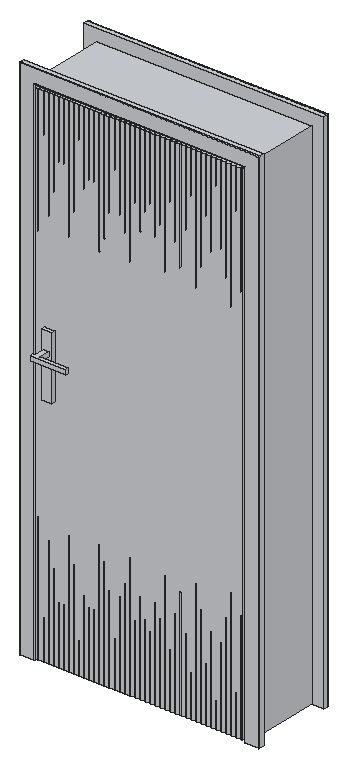
Revit family "PortaVECTORbp_G", category Drzwi, Revit 2016
Family settings
  Obiekt nadrzędny = Ściana
  Zawsze pionowo = Tak
  Tnij formami wycięć po wczytaniu = Nie
  Współdzielony = Nie
  Punkt obliczania pomieszczeń = Nie
Parameters (values of type "PN 80")
  Zakres szerokości muru [instance] = if(and(Szerokość ściany > 94 mm, Szerokość ściany < 120 mm), "B", (if(and(Szerokość ściany > 119 mm, Szerokość ściany < 140 mm), "C", (if(and(Szerokość ściany > 139 mm, Szerokość ściany < 160 mm), "D", (if(and(Szerokość ściany > 159 mm, Szerokość ściany < 180 mm), "E", (if(and(Szerokość ściany > 179 mm, Szerokość ściany < 200 mm), "F", (if(and(Szerokość ściany > 199 mm, Szerokość ściany < 220 mm), "G", (if(and(Szerokość ściany > 219 mm, Szerokość ściany < 240 mm), "H", (if(and(Szerokość ściany > 239 mm, Szerokość ściany < 260 mm), "I", (if(and(Szerokość ściany > 259 mm, Szerokość ściany < 280 mm), "J", (if(and(Szerokość ściany > 279 mm, Szerokość ściany < 301 mm), "K", "BRAK")))))))))))))))))))  # "K"
  Wysokość brutto = 2060 mm
  Szerokość ściany [instance] = 300 mm
  Szerokość brutto = 880 mm
  Model = "Porta Vector G"
  Konstrukcja analityczna = "<Brak>"
  Funkcja = Wewnętrzna
  URL = "www.porta.com.pl"
  Ss = 818 mm
  Sb = 846 mm
  Producent = "PORTA KMI POLAND"
  Keynote = ""
  Opis = "Własność Porta KMI Poland, wszelkie prawa zastrzeżone."  # constant formula
  Wysokość = 2016 mm
  Zakończenie ściany = Wg obiektu nadrzędnego
  Szerokość = 800 mm
  Materiał_skrzydło [instance] = none
  Materiał_ościeżnica [instance] = none
  Materiał_klamka [instance] = none
  Hs = 2017 mm
Reference planes
  plane 1: y = 0
  plane 2 "Środek (Lewa/Prawa)": x = 0
  plane 3 "Lewy": x = -440
  plane 4 "Prawy": x = 440
  plane 5: z = 2060
  plane 6 "Zewnętrzna": y = 150
  plane 7 "Wewnętrzna": y = -150
  plane 8 "skrzydło": y = -129
Forms (mm)
  Sweep 1, solid, material <- "Materiał_ościeżnica"
    path in 3D
      loop
        line (-440, -150, 0) -> (-440, -150, 2060) -> (440, -150, 2060) -> (440, -150, 0)
    profile origin (-440, -150, 1030) x (0, -1, 0) y (1, 0, 0)
      loop
        line (-24, 39) -> (-72, 39) -> (-72, 17) -> (0, 17) -> (0, -33) -> (16, -33)
        arc (16, -33) -> (18.121, -32.121) -> (19, -30) r 3
        line (19, -30) -> (19, 24)
        arc (19, 24) -> (18.121, 26.121) -> (16, 27) r 3
        line (16, 27) -> (-24, 27) -> (-24, 39)
  Sweep 2, solid, material <- "Materiał_ościeżnica"
    path in 3D
      loop
        line (440, 150, 0) -> (440, 150, 2060) -> (-440, 150, 2060) -> (-440, 150, 0)
    profile origin (-440, 150, 1030) x (1, 0, 0) y (0, 1, 0)
      loop
        line (-33, 0) -> (17, 0) -> (17, -228) -> (39, -228) -> (39, -1)
        arc (39, -1) -> (37.536, 2.536) -> (34, 4) r 5
        line (34, 4) -> (25, 4) -> (25, 16)
        arc (25, 16) -> (24.121, 18.121) -> (22, 19) r 3
        line (22, 19) -> (-30, 19)
        arc (-30, 19) -> (-32.121, 18.121) -> (-33, 16) r 3
        line (-33, 16) -> (-33, 0)
  Sweep 3, solid, not visible
    path in 3D
      loop
        line (-440, -150, 0) -> (-440, -150, 2060)
    profile origin (-440, -150, 1030) x (0, -1, 0) y (1, 0, 0)
      loop
        line (-151, 17) -> (-149, 17) -> (-149, 19) -> (-151, 19) -> (-151, 17)
Cuts and joins
  joined: Sweep 1, Sweep 2
Lines and regions (mm)
  Opening 1
    outline origin (-3050, -150, 0) x (1, 0, 0) y (0, 0, 1)
      loop
        line (2610, 0) -> (3490, 0) -> (3490, 2060) -> (2610, 2060) -> (2610, 0)
  sketch lines
    curve 1: line (-440, -150, 0) -> (-440, -150, 2060)
    curve 2: line (-440, -150, 2060) -> (440, -150, 2060)
    curve 3: line (440, -150, 2060) -> (440, -150, 0)
    curve 4: line (-440, 150, 2060) -> (-440, 150, 0)
    curve 5: line (440, 150, 2060) -> (-440, 150, 2060)
    curve 6: line (440, 150, 0) -> (440, 150, 2060)
    curve 12: line (-440, -150, 0) -> (-440, -150, 2060)
  symbolic lines, style "DoorsPanelProjection"
    curve 7: line (409, -150, 0) -> (409, -968, 0)
    curve 8: line (409, -968, 0) -> (369, -968, 0)
    curve 9: line (369, -968, 0) -> (369, -150, 0)
    curve 10: line (369, -150, 0) -> (409, -150, 0)
  symbolic lines, style "Ugięcie rzutu"
    curve 11: arc (-409, -150, 0) -> (-169.413, -728.413, 0) -> (409, -968, 0) r 818
Text (mm)
  text "Zewnętrzna" at (-2295.016, 1099.543, 0), in view "Poziom odniesienia"
  text "Zewnętrzna" at (0, 1615.38, 3698.081), in view "Lewy"
  text "Zewnętrzna" at (0, 1036.032, 3874.932), in view "Prawy"
Dimensions and locks
  equal spacing: plane 3 "Lewy", plane 2 "Środek (Lewa/Prawa)", plane 4 "Prawy"
  "Szerokość brutto": plane 3 "Lewy" to plane 4 "Prawy"
  "Wysokość brutto": plane 5 to host wall
  host wall to plane 5 = 2060 mm  (x2)
  locked: plane 6 "Zewnętrzna" to host wall at 0
  locked: plane 7 "Wewnętrzna" to host wall
  "Sb": Sweep 1 to Sweep 1
  locked: Sweep 1 sketch curve to Sweep 1 sketch curve at 22
  Sweep 1 sketch curve to Sweep 1 sketch curve = 50 mm
  locked: Sweep 1 sketch curve to profile plane at 72
  locked: Sweep 2 sketch curve to Sweep 2 sketch curve at 50
  locked: Sweep 2 sketch curve to Sweep 2 sketch curve at 22
  locked: Sweep 2 sketch curve to plane 6 "Zewnętrzna" at 1
  locked: curve 9 to curve 7 at 40
  "Ss": curve 8 to curve 10
  equal spacing: curve 11, plane 2 "Środek (Lewa/Prawa)", curve 7
  locked: plane 7 "Wewnętrzna" to plane 8 "skrzydło" at 21
  locked: host wall to Sweep 3 sketch curve at 1
  locked: Sweep 3 sketch curve to host wall at 1
  locked: Sweep 3 sketch curve to plane 6 "Zewnętrzna" at 151
  locked: plane 7 "Wewnętrzna" to Sweep 3 sketch curve at 151
  nested 1 to plane 2 "Środek (Lewa/Prawa)" to nested 1 = 409 mm, 409 mm
  locked: nested 1 to level at 8
  "Szerokość ściany": host wall to host wall
  aligned and locked: plane 3 "Lewy" to Opening 1 sketch curve
  aligned and locked: plane 5 to Opening 1 sketch curve  (x2)
  aligned and locked: Opening 1 sketch curve to plane 4 "Prawy"
  aligned and locked: Opening 1 sketch curve to level
  aligned and locked: plane 1 to host wall
  aligned and locked: Sweep 1 to Sweep 2 sketch curve
  aligned and locked: plane 7 "Wewnętrzna" to curve 10
  aligned and locked: Sweep 3 sketch curve to cut or joined group of Sweep 1, Sweep 2
  aligned and locked: Sweep 2 sketch curve to cut or joined group of Sweep 1, Sweep 2
  aligned and locked: nested 1 to plane 8 "skrzydło"
  aligned and locked: plane 2 "Środek (Lewa/Prawa)" to nested 1
Automatic sketch dimensions
  profile plane to Sweep 1 sketch curve = 24 mm
  Sweep 1 sketch curve to profile plane = 16 mm  (x2)
  Sweep 1 sketch curve to Sweep 1 sketch curve = 3 mm
  profile plane to Sweep 1 sketch curve = 17 mm
  Sweep 1 sketch curve to Sweep 1 sketch curve = 7 mm
  Sweep 1 sketch curve to profile plane = 0 mm
  Sweep 2 sketch curve to profile plane = 0 mm
  Sweep 2 sketch curve to profile plane = 16 mm
  Sweep 2 sketch curve to Sweep 2 sketch curve = 3 mm
  Sweep 2 sketch curve to Sweep 2 sketch curve = 5 mm
  Sweep 2 sketch curve to profile plane = 4 mm
  Sweep 2 sketch curve to Sweep 2 sketch curve = 8 mm
  curve 11 to host wall = 0 mm
  Sweep 3 sketch curve to Sweep 3 sketch curve = 2 mm
Nested families
  nested 1: "skrzydło" at (0, -135.5, 0), Materiał_klamka <- "Materiał_klamka", Materiał_skrzydło <- "Materiał_skrzydło", type "skrzydło"
    with Materiał_skrzydło none, Materiał_klamka none
Definition of nested family "skrzydło"
  Parameters
    Ss = 818 mm
    Materiał_skrzydło [instance] = none
    Materiał_klamka [instance] = none
    Hs = 2017 mm
  Reference planes
    plane 1 "Tył": y = 6.5
    plane 2: z = 0
    plane 3 "Środek (Lewa/Prawa)": x = 0
    plane 4 "Przód": y = -33.5
    plane 5: z = 2025
    plane 6 "Centrum": y = -13.5
    plane 7: z = 8
    plane 8: x = -409
    plane 9: x = 409
  Forms (mm)
    Extrusion 1, solid, material <- "Materiał_skrzydło"
      sketch origin (-1191.728, -1524, 8) x (-1, 0, 0) y (0, -1, 0)
        loop
          line (-1600.728, -1490.5) -> (-1600.728, -1530.5) -> (-782.728, -1530.5) -> (-782.728, -1490.5) -> (-1600.728, -1490.5)
      from 0 to 2017
    Extrusion 2, void
      sketch origin (-2050.117, -33.5, 1200) x (1, 0, 0) y (0, 0, 1)
        loop
          line (1314.9, -902.638) -> (1310.9, -902.638) -> (1310.9, -1192) -> (1314.9, -1192) -> (1314.9, -902.638)
        loop
          line (1334.9, -939.401) -> (1330.9, -939.401) -> (1330.9, -1192) -> (1334.9, -1192) -> (1334.9, -939.401)
        loop
          line (1354.9, -828.566) -> (1350.9, -828.566) -> (1350.9, -1192) -> (1354.9, -1192) -> (1354.9, -828.566)
        loop
          line (1374.9, -879.244) -> (1370.9, -879.244) -> (1370.9, -1192) -> (1374.9, -1192) -> (1374.9, -879.244)
        loop
          line (1394.9, -721.985) -> (1390.9, -721.985) -> (1390.9, -1192) -> (1394.9, -1192) -> (1394.9, -721.985)
        loop
          line (1414.9, -974.67) -> (1410.9, -974.67) -> (1410.9, -1192) -> (1414.9, -1192) -> (1414.9, -974.67)
        loop
          line (1434.9, -841.158) -> (1430.9, -841.158) -> (1430.9, -1192) -> (1434.9, -1192) -> (1434.9, -841.158)
        loop
          line (1454.9, -755.467) -> (1450.9, -755.467) -> (1450.9, -1192) -> (1454.9, -1192) -> (1454.9, -755.467)
        loop
          line (1474.9, -895.216) -> (1470.9, -895.216) -> (1470.9, -1192) -> (1474.9, -1192) -> (1474.9, -895.216)
        loop
          line (1494.9, -1025.039) -> (1490.9, -1025.039) -> (1490.9, -1192) -> (1494.9, -1192) -> (1494.9, -1025.039)
        loop
          line (1514.9, -706.074) -> (1510.9, -706.074) -> (1510.9, -1192) -> (1514.9, -1192) -> (1514.9, -706.074)
        loop
          line (1534.9, -788.773) -> (1530.9, -788.773) -> (1530.9, -1192) -> (1534.9, -1192) -> (1534.9, -788.773)
        loop
          line (1554.9, -973.362) -> (1550.9, -973.362) -> (1550.9, -1192) -> (1554.9, -1192) -> (1554.9, -973.362)
        loop
          line (1574.9, -854.234) -> (1570.9, -854.234) -> (1570.9, -1192) -> (1574.9, -1192) -> (1574.9, -854.234)
        loop
          line (1594.9, -1092.937) -> (1590.9, -1092.937) -> (1590.9, -1192) -> (1594.9, -1192) -> (1594.9, -1092.937)
        loop
          line (1614.9, -880.407) -> (1610.9, -880.407) -> (1610.9, -1192) -> (1614.9, -1192) -> (1614.9, -880.407)
        loop
          line (1634.9, -784.159) -> (1630.9, -784.159) -> (1630.9, -1192) -> (1634.9, -1192) -> (1634.9, -784.159)
        loop
          line (1654.9, -689.475) -> (1650.9, -689.475) -> (1650.9, -1192) -> (1654.9, -1192) -> (1654.9, -689.475)
        loop
          line (1674.9, -1034.738) -> (1670.9, -1034.738) -> (1670.9, -1192) -> (1674.9, -1192) -> (1674.9, -1034.738)
        loop
          line (1694.9, -755.308) -> (1690.9, -755.308) -> (1690.9, -1192) -> (1694.9, -1192) -> (1694.9, -755.308)
        loop
          line (1714.9, -846.704) -> (1710.9, -846.704) -> (1710.9, -1192) -> (1714.9, -1192) -> (1714.9, -846.704)
        loop
          line (1734.9, -960.343) -> (1730.9, -960.343) -> (1730.9, -1192) -> (1734.9, -1192) -> (1734.9, -960.343)
        loop
          line (1754.9, -960.343) -> (1750.9, -960.343) -> (1750.9, -1192) -> (1754.9, -1192) -> (1754.9, -960.343)
        loop
          line (1774.9, -710.675) -> (1770.9, -710.675) -> (1770.9, -1192) -> (1774.9, -1192) -> (1774.9, -710.675)
        loop
          line (1794.9, -807.228) -> (1790.9, -807.228) -> (1790.9, -1192) -> (1794.9, -1192) -> (1794.9, -807.228)
        loop
          line (1814.9, -1068.924) -> (1810.9, -1068.924) -> (1810.9, -1192) -> (1814.9, -1192) -> (1814.9, -1068.924)
        loop
          line (1834.9, -902.377) -> (1830.9, -902.377) -> (1830.9, -1192) -> (1834.9, -1192) -> (1834.9, -902.377)
        loop
          line (1854.9, -941.218) -> (1850.9, -941.218) -> (1850.9, -1192) -> (1854.9, -1192) -> (1854.9, -941.218)
        loop
          line (1874.9, -941.218) -> (1870.9, -941.218) -> (1870.9, -1192) -> (1874.9, -1192) -> (1874.9, -941.218)
        loop
          line (1894.9, -702.559) -> (1890.9, -702.559) -> (1890.9, -1192) -> (1894.9, -1192) -> (1894.9, -702.559)
        loop
          line (1914.9, -755.467) -> (1910.9, -755.467) -> (1910.9, -1192) -> (1914.9, -1192) -> (1914.9, -755.467)
        loop
          line (1934.9, -851.738) -> (1930.9, -851.738) -> (1930.9, -1192) -> (1934.9, -1192) -> (1934.9, -851.738)
        loop
          line (1954.9, -1011.4) -> (1950.9, -1011.4) -> (1950.9, -1192) -> (1954.9, -1192) -> (1954.9, -1011.4)
        loop
          line (1974.9, -856.951) -> (1970.9, -856.951) -> (1970.9, -1192) -> (1974.9, -1192) -> (1974.9, -856.951)
        loop
          line (1994.9, -801.037) -> (1990.9, -801.037) -> (1990.9, -1192) -> (1994.9, -1192) -> (1994.9, -801.037)
        loop
          line (2014.9, -704.921) -> (2010.9, -704.921) -> (2010.9, -1192) -> (2014.9, -1192) -> (2014.9, -704.921)
        loop
          line (2034.9, -920.819) -> (2030.9, -920.819) -> (2030.9, -1192) -> (2034.9, -1192) -> (2034.9, -920.819)
        loop
          line (2054.9, -829.151) -> (2050.9, -829.151) -> (2050.9, -1192) -> (2054.9, -1192) -> (2054.9, -829.151)
        loop
          line (2074.9, -902.638) -> (2070.9, -902.638) -> (2070.9, -1192) -> (2074.9, -1192) -> (2074.9, -902.638)
        loop
          line (2094.9, -939.401) -> (2090.9, -939.401) -> (2090.9, -1192) -> (2094.9, -1192) -> (2094.9, -939.401)
        loop
          line (2114.9, -828.566) -> (2110.9, -828.566) -> (2110.9, -1192) -> (2114.9, -1192) -> (2114.9, -828.566)
        loop
          line (2134.9, -879.244) -> (2130.9, -879.244) -> (2130.9, -1192) -> (2134.9, -1192) -> (2134.9, -879.244)
        loop
          line (2154.9, -721.985) -> (2150.9, -721.985) -> (2150.9, -1192) -> (2154.9, -1192) -> (2154.9, -721.985)
        loop
          line (2174.9, -974.67) -> (2170.9, -974.67) -> (2170.9, -1192) -> (2174.9, -1192) -> (2174.9, -974.67)
        loop
          line (2194.9, -841.158) -> (2190.9, -841.158) -> (2190.9, -1192) -> (2194.9, -1192) -> (2194.9, -841.158)
        loop
          line (2214.9, -755.467) -> (2210.9, -755.467) -> (2210.9, -1192) -> (2214.9, -1192) -> (2214.9, -755.467)
        loop
          line (2234.9, -895.216) -> (2230.9, -895.216) -> (2230.9, -1192) -> (2234.9, -1192) -> (2234.9, -895.216)
        loop
          line (2254.9, -1025.039) -> (2250.9, -1025.039) -> (2250.9, -1192) -> (2254.9, -1192) -> (2254.9, -1025.039)
        loop
          line (2274.9, -706.074) -> (2270.9, -706.074) -> (2270.9, -1192) -> (2274.9, -1192) -> (2274.9, -706.074)
        loop
          line (2294.9, -788.773) -> (2290.9, -788.773) -> (2290.9, -1192) -> (2294.9, -1192) -> (2294.9, -788.773)
        loop
          line (2334.9, -854.234) -> (2330.9, -854.234) -> (2330.9, -1192) -> (2334.9, -1192) -> (2334.9, -854.234)
        loop
          line (2354.9, -1092.937) -> (2350.9, -1092.937) -> (2350.9, -1192) -> (2354.9, -1192) -> (2354.9, -1092.937)
        loop
          line (2374.9, -880.407) -> (2370.9, -880.407) -> (2370.9, -1192) -> (2374.9, -1192) -> (2374.9, -880.407)
        loop
          line (2394.9, -784.159) -> (2390.9, -784.159) -> (2390.9, -1192) -> (2394.9, -1192) -> (2394.9, -784.159)
        loop
          line (2414.9, -689.475) -> (2410.9, -689.475) -> (2410.9, -1192) -> (2414.9, -1192) -> (2414.9, -689.475)
        loop
          line (2434.9, -1034.738) -> (2430.9, -1034.738) -> (2430.9, -1192) -> (2434.9, -1192) -> (2434.9, -1034.738)
        loop
          line (2454.9, -755.308) -> (2450.9, -755.308) -> (2450.9, -1192) -> (2454.9, -1192) -> (2454.9, -755.308)
        loop
          line (2474.9, -846.704) -> (2470.9, -846.704) -> (2470.9, -1192) -> (2474.9, -1192) -> (2474.9, -846.704)
        loop
          line (2494.9, -960.343) -> (2490.9, -960.343) -> (2490.9, -1192) -> (2494.9, -1192) -> (2494.9, -960.343)
        loop
          line (2514.9, -960.343) -> (2510.9, -960.343) -> (2510.9, -1192) -> (2514.9, -1192) -> (2514.9, -960.343)
        loop
          line (2534.9, -710.675) -> (2530.9, -710.675) -> (2530.9, -1192) -> (2534.9, -1192) -> (2534.9, -710.675)
        loop
          line (2554.9, -807.228) -> (2550.9, -807.228) -> (2550.9, -1192) -> (2554.9, -1192) -> (2554.9, -807.228)
        loop
          line (2574.9, -1068.924) -> (2570.9, -1068.924) -> (2570.9, -1192) -> (2574.9, -1192) -> (2574.9, -1068.924)
        loop
          line (2594.9, -902.377) -> (2590.9, -902.377) -> (2590.9, -1192) -> (2594.9, -1192) -> (2594.9, -902.377)
        loop
          line (2614.9, -941.218) -> (2610.9, -941.218) -> (2610.9, -1192) -> (2614.9, -1192) -> (2614.9, -941.218)
        loop
          line (2634.9, -941.218) -> (2630.9, -941.218) -> (2630.9, -1192) -> (2634.9, -1192) -> (2634.9, -941.218)
        loop
          line (2654.9, -702.559) -> (2650.9, -702.559) -> (2650.9, -1192) -> (2654.9, -1192) -> (2654.9, -702.559)
        loop
          line (2674.9, -755.467) -> (2670.9, -755.467) -> (2670.9, -1192) -> (2674.9, -1192) -> (2674.9, -755.467)
        loop
          line (2694.9, -851.738) -> (2690.9, -851.738) -> (2690.9, -1192) -> (2694.9, -1192) -> (2694.9, -851.738)
        loop
          line (2714.9, -1011.4) -> (2710.9, -1011.4) -> (2710.9, -1192) -> (2714.9, -1192) -> (2714.9, -1011.4)
        loop
          line (2734.9, -856.951) -> (2730.9, -856.951) -> (2730.9, -1192) -> (2734.9, -1192) -> (2734.9, -856.951)
        loop
          line (2754.9, -801.037) -> (2750.9, -801.037) -> (2750.9, -1192) -> (2754.9, -1192) -> (2754.9, -801.037)
        loop
          line (2774.9, -704.921) -> (2770.9, -704.921) -> (2770.9, -1192) -> (2774.9, -1192) -> (2774.9, -704.921)
        loop
          line (2794.9, -920.819) -> (2790.9, -920.819) -> (2790.9, -1192) -> (2794.9, -1192) -> (2794.9, -920.819)
        loop
          line (2814.9, -829.151) -> (2810.9, -829.151) -> (2810.9, -1192) -> (2814.9, -1192) -> (2814.9, -829.151)
        loop
          line (2310.9, -1192) -> (2314.9, -1192) -> (2314.9, -973.362) -> (2310.9, -973.362) -> (2310.9, -1192)
        loop
          line (2814.9, 462.151) -> (2814.9, 825) -> (2810.9, 825) -> (2810.9, 462.151) -> (2814.9, 462.151)
        loop
          line (2774.9, 337.921) -> (2774.9, 825) -> (2770.9, 825) -> (2770.9, 337.921) -> (2774.9, 337.921)
        loop
          line (2734.9, 489.951) -> (2734.9, 825) -> (2730.9, 825) -> (2730.9, 489.951) -> (2734.9, 489.951)
        loop
          line (2694.9, 484.738) -> (2694.9, 825) -> (2690.9, 825) -> (2690.9, 484.738) -> (2694.9, 484.738)
        loop
          line (2654.9, 335.559) -> (2654.9, 825) -> (2650.9, 825) -> (2650.9, 335.559) -> (2654.9, 335.559)
        loop
          line (2614.9, 574.218) -> (2614.9, 825) -> (2610.9, 825) -> (2610.9, 574.218) -> (2614.9, 574.218)
        loop
          line (2574.9, 701.924) -> (2574.9, 825) -> (2570.9, 825) -> (2570.9, 701.924) -> (2574.9, 701.924)
        loop
          line (2534.9, 343.675) -> (2534.9, 825) -> (2530.9, 825) -> (2530.9, 343.675) -> (2534.9, 343.675)
        loop
          line (2494.9, 593.343) -> (2494.9, 825) -> (2490.9, 825) -> (2490.9, 593.343) -> (2494.9, 593.343)
        loop
          line (2454.9, 388.308) -> (2454.9, 825) -> (2450.9, 825) -> (2450.9, 388.308) -> (2454.9, 388.308)
        loop
          line (2414.9, 322.475) -> (2414.9, 825) -> (2410.9, 825) -> (2410.9, 322.475) -> (2414.9, 322.475)
        loop
          line (2374.9, 513.407) -> (2374.9, 825) -> (2370.9, 825) -> (2370.9, 513.407) -> (2374.9, 513.407)
        loop
          line (2354.9, 725.937) -> (2354.9, 825) -> (2350.9, 825) -> (2350.9, 725.937) -> (2354.9, 725.937)
        loop
          line (2310.9, 606.362) -> (2314.9, 606.362) -> (2314.9, 825) -> (2310.9, 825) -> (2310.9, 606.362)
        loop
          line (2274.9, 339.074) -> (2274.9, 825) -> (2270.9, 825) -> (2270.9, 339.074) -> (2274.9, 339.074)
        loop
          line (2234.9, 528.216) -> (2234.9, 825) -> (2230.9, 825) -> (2230.9, 528.216) -> (2234.9, 528.216)
        loop
          line (2194.9, 474.158) -> (2194.9, 825) -> (2190.9, 825) -> (2190.9, 474.158) -> (2194.9, 474.158)
        loop
          line (2154.9, 354.985) -> (2154.9, 825) -> (2150.9, 825) -> (2150.9, 354.985) -> (2154.9, 354.985)
        loop
          line (2114.9, 461.566) -> (2114.9, 825) -> (2110.9, 825) -> (2110.9, 461.566) -> (2114.9, 461.566)
        loop
          line (2074.9, 535.638) -> (2074.9, 825) -> (2070.9, 825) -> (2070.9, 535.638) -> (2074.9, 535.638)
        loop
          line (2794.9, 553.819) -> (2794.9, 825) -> (2790.9, 825) -> (2790.9, 553.819) -> (2794.9, 553.819)
        loop
          line (2754.9, 434.037) -> (2754.9, 825) -> (2750.9, 825) -> (2750.9, 434.037) -> (2754.9, 434.037)
        loop
          line (2714.9, 644.4) -> (2714.9, 825) -> (2710.9, 825) -> (2710.9, 644.4) -> (2714.9, 644.4)
        loop
          line (2674.9, 388.467) -> (2674.9, 825) -> (2670.9, 825) -> (2670.9, 388.467) -> (2674.9, 388.467)
        loop
          line (2634.9, 574.218) -> (2634.9, 825) -> (2630.9, 825) -> (2630.9, 574.218) -> (2634.9, 574.218)
        loop
          line (2594.9, 535.377) -> (2594.9, 825) -> (2590.9, 825) -> (2590.9, 535.377) -> (2594.9, 535.377)
        loop
          line (2554.9, 440.228) -> (2554.9, 825) -> (2550.9, 825) -> (2550.9, 440.228) -> (2554.9, 440.228)
        loop
          line (2514.9, 593.343) -> (2514.9, 825) -> (2510.9, 825) -> (2510.9, 593.343) -> (2514.9, 593.343)
        loop
          line (2474.9, 479.704) -> (2474.9, 825) -> (2470.9, 825) -> (2470.9, 479.704) -> (2474.9, 479.704)
        loop
          line (2434.9, 667.738) -> (2434.9, 825) -> (2430.9, 825) -> (2430.9, 667.738) -> (2434.9, 667.738)
        loop
          line (2394.9, 417.159) -> (2394.9, 825) -> (2390.9, 825) -> (2390.9, 417.159) -> (2394.9, 417.159)
        loop
          line (2334.9, 487.234) -> (2334.9, 825) -> (2330.9, 825) -> (2330.9, 487.234) -> (2334.9, 487.234)
        loop
          line (2294.9, 421.773) -> (2294.9, 825) -> (2290.9, 825) -> (2290.9, 421.773) -> (2294.9, 421.773)
        loop
          line (2254.9, 658.039) -> (2254.9, 825) -> (2250.9, 825) -> (2250.9, 658.039) -> (2254.9, 658.039)
        loop
          line (2214.9, 388.467) -> (2214.9, 825) -> (2210.9, 825) -> (2210.9, 388.467) -> (2214.9, 388.467)
        loop
          line (2174.9, 607.67) -> (2174.9, 825) -> (2170.9, 825) -> (2170.9, 607.67) -> (2174.9, 607.67)
        loop
          line (2134.9, 512.244) -> (2134.9, 825) -> (2130.9, 825) -> (2130.9, 512.244) -> (2134.9, 512.244)
        loop
          line (2094.9, 572.401) -> (2094.9, 825) -> (2090.9, 825) -> (2090.9, 572.401) -> (2094.9, 572.401)
        loop
          line (2054.9, 462.151) -> (2054.9, 825) -> (2050.9, 825) -> (2050.9, 462.151) -> (2054.9, 462.151)
        loop
          line (2014.9, 337.921) -> (2014.9, 825) -> (2010.9, 825) -> (2010.9, 337.921) -> (2014.9, 337.921)
        loop
          line (1974.9, 489.951) -> (1974.9, 825) -> (1970.9, 825) -> (1970.9, 489.951) -> (1974.9, 489.951)
        loop
          line (1934.9, 484.738) -> (1934.9, 825) -> (1930.9, 825) -> (1930.9, 484.738) -> (1934.9, 484.738)
        loop
          line (1894.9, 335.559) -> (1894.9, 825) -> (1890.9, 825) -> (1890.9, 335.559) -> (1894.9, 335.559)
        loop
          line (1854.9, 574.218) -> (1854.9, 825) -> (1850.9, 825) -> (1850.9, 574.218) -> (1854.9, 574.218)
        loop
          line (1814.9, 701.924) -> (1814.9, 825) -> (1810.9, 825) -> (1810.9, 701.924) -> (1814.9, 701.924)
        loop
          line (1774.9, 343.675) -> (1774.9, 825) -> (1770.9, 825) -> (1770.9, 343.675) -> (1774.9, 343.675)
        loop
          line (1734.9, 593.343) -> (1734.9, 825) -> (1730.9, 825) -> (1730.9, 593.343) -> (1734.9, 593.343)
        loop
          line (1694.9, 388.308) -> (1694.9, 825) -> (1690.9, 825) -> (1690.9, 388.308) -> (1694.9, 388.308)
        loop
          line (1654.9, 322.475) -> (1654.9, 825) -> (1650.9, 825) -> (1650.9, 322.475) -> (1654.9, 322.475)
        loop
          line (1614.9, 513.407) -> (1614.9, 825) -> (1610.9, 825) -> (1610.9, 513.407) -> (1614.9, 513.407)
        loop
          line (1594.9, 725.937) -> (1594.9, 825) -> (1590.9, 825) -> (1590.9, 725.937) -> (1594.9, 725.937)
        loop
          line (1554.9, 606.362) -> (1554.9, 825) -> (1550.9, 825) -> (1550.9, 606.362) -> (1554.9, 606.362)
        loop
          line (1514.9, 339.074) -> (1514.9, 825) -> (1510.9, 825) -> (1510.9, 339.074) -> (1514.9, 339.074)
        loop
          line (1474.9, 528.216) -> (1474.9, 825) -> (1470.9, 825) -> (1470.9, 528.216) -> (1474.9, 528.216)
        loop
          line (1434.9, 474.158) -> (1434.9, 825) -> (1430.9, 825) -> (1430.9, 474.158) -> (1434.9, 474.158)
        loop
          line (1394.9, 354.985) -> (1394.9, 825) -> (1390.9, 825) -> (1390.9, 354.985) -> (1394.9, 354.985)
        loop
          line (1354.9, 461.566) -> (1354.9, 825) -> (1350.9, 825) -> (1350.9, 461.566) -> (1354.9, 461.566)
        loop
          line (1314.9, 535.638) -> (1314.9, 825) -> (1310.9, 825) -> (1310.9, 535.638) -> (1314.9, 535.638)
        loop
          line (2034.9, 553.819) -> (2034.9, 825) -> (2030.9, 825) -> (2030.9, 553.819) -> (2034.9, 553.819)
        loop
          line (1994.9, 434.037) -> (1994.9, 825) -> (1990.9, 825) -> (1990.9, 434.037) -> (1994.9, 434.037)
        loop
          line (1954.9, 644.4) -> (1954.9, 825) -> (1950.9, 825) -> (1950.9, 644.4) -> (1954.9, 644.4)
        loop
          line (1914.9, 388.467) -> (1914.9, 825) -> (1910.9, 825) -> (1910.9, 388.467) -> (1914.9, 388.467)
        loop
          line (1874.9, 574.218) -> (1874.9, 825) -> (1870.9, 825) -> (1870.9, 574.218) -> (1874.9, 574.218)
        loop
          line (1834.9, 535.377) -> (1834.9, 825) -> (1830.9, 825) -> (1830.9, 535.377) -> (1834.9, 535.377)
        loop
          line (1794.9, 440.228) -> (1794.9, 825) -> (1790.9, 825) -> (1790.9, 440.228) -> (1794.9, 440.228)
        loop
          line (1754.9, 593.343) -> (1754.9, 825) -> (1750.9, 825) -> (1750.9, 593.343) -> (1754.9, 593.343)
        loop
          line (1714.9, 479.704) -> (1714.9, 825) -> (1710.9, 825) -> (1710.9, 479.704) -> (1714.9, 479.704)
        loop
          line (1674.9, 667.738) -> (1674.9, 825) -> (1670.9, 825) -> (1670.9, 667.738) -> (1674.9, 667.738)
        loop
          line (1634.9, 417.159) -> (1634.9, 825) -> (1630.9, 825) -> (1630.9, 417.159) -> (1634.9, 417.159)
        loop
          line (1574.9, 487.234) -> (1574.9, 825) -> (1570.9, 825) -> (1570.9, 487.234) -> (1574.9, 487.234)
        loop
          line (1534.9, 421.773) -> (1534.9, 825) -> (1530.9, 825) -> (1530.9, 421.773) -> (1534.9, 421.773)
        loop
          line (1494.9, 658.039) -> (1494.9, 825) -> (1490.9, 825) -> (1490.9, 658.039) -> (1494.9, 658.039)
        loop
          line (1454.9, 388.467) -> (1454.9, 825) -> (1450.9, 825) -> (1450.9, 388.467) -> (1454.9, 388.467)
        loop
          line (1414.9, 607.67) -> (1414.9, 825) -> (1410.9, 825) -> (1410.9, 607.67) -> (1414.9, 607.67)
        loop
          line (1374.9, 512.244) -> (1374.9, 825) -> (1370.9, 825) -> (1370.9, 512.244) -> (1374.9, 512.244)
        loop
          line (1334.9, 572.401) -> (1334.9, 825) -> (1330.9, 825) -> (1330.9, 572.401) -> (1334.9, 572.401)
      from -1 to 10
    Extrusion 3, void
      sketch origin (-2050.117, 6.5, 1200) x (1, 0, 0) y (0, 0, -1)
        loop
          line (1314.9, 902.638) -> (1314.9, 1192) -> (1310.9, 1192) -> (1310.9, 902.638) -> (1314.9, 902.638)
        loop
          line (1334.9, 939.401) -> (1334.9, 1192) -> (1330.9, 1192) -> (1330.9, 939.401) -> (1334.9, 939.401)
        loop
          line (1354.9, 828.566) -> (1354.9, 1192) -> (1350.9, 1192) -> (1350.9, 828.566) -> (1354.9, 828.566)
        loop
          line (1374.9, 879.244) -> (1374.9, 1192) -> (1370.9, 1192) -> (1370.9, 879.244) -> (1374.9, 879.244)
        loop
          line (1394.9, 721.985) -> (1394.9, 1192) -> (1390.9, 1192) -> (1390.9, 721.985) -> (1394.9, 721.985)
        loop
          line (1414.9, 974.67) -> (1414.9, 1192) -> (1410.9, 1192) -> (1410.9, 974.67) -> (1414.9, 974.67)
        loop
          line (1434.9, 841.158) -> (1434.9, 1192) -> (1430.9, 1192) -> (1430.9, 841.158) -> (1434.9, 841.158)
        loop
          line (1454.9, 755.467) -> (1454.9, 1192) -> (1450.9, 1192) -> (1450.9, 755.467) -> (1454.9, 755.467)
        loop
          line (1474.9, 895.216) -> (1474.9, 1192) -> (1470.9, 1192) -> (1470.9, 895.216) -> (1474.9, 895.216)
        loop
          line (1494.9, 1025.039) -> (1494.9, 1192) -> (1490.9, 1192) -> (1490.9, 1025.039) -> (1494.9, 1025.039)
        loop
          line (1514.9, 706.074) -> (1514.9, 1192) -> (1510.9, 1192) -> (1510.9, 706.074) -> (1514.9, 706.074)
        loop
          line (1534.9, 788.773) -> (1534.9, 1192) -> (1530.9, 1192) -> (1530.9, 788.773) -> (1534.9, 788.773)
        loop
          line (1554.9, 973.362) -> (1554.9, 1192) -> (1550.9, 1192) -> (1550.9, 973.362) -> (1554.9, 973.362)
        loop
          line (1574.9, 854.234) -> (1574.9, 1192) -> (1570.9, 1192) -> (1570.9, 854.234) -> (1574.9, 854.234)
        loop
          line (1594.9, 1092.937) -> (1594.9, 1192) -> (1590.9, 1192) -> (1590.9, 1092.937) -> (1594.9, 1092.937)
        loop
          line (1614.9, 880.407) -> (1614.9, 1192) -> (1610.9, 1192) -> (1610.9, 880.407) -> (1614.9, 880.407)
        loop
          line (1634.9, 784.159) -> (1634.9, 1192) -> (1630.9, 1192) -> (1630.9, 784.159) -> (1634.9, 784.159)
        loop
          line (1654.9, 689.475) -> (1654.9, 1192) -> (1650.9, 1192) -> (1650.9, 689.475) -> (1654.9, 689.475)
        loop
          line (1674.9, 1034.738) -> (1674.9, 1192) -> (1670.9, 1192) -> (1670.9, 1034.738) -> (1674.9, 1034.738)
        loop
          line (1694.9, 755.308) -> (1694.9, 1192) -> (1690.9, 1192) -> (1690.9, 755.308) -> (1694.9, 755.308)
        loop
          line (1714.9, 846.704) -> (1714.9, 1192) -> (1710.9, 1192) -> (1710.9, 846.704) -> (1714.9, 846.704)
        loop
          line (1734.9, 960.343) -> (1734.9, 1192) -> (1730.9, 1192) -> (1730.9, 960.343) -> (1734.9, 960.343)
        loop
          line (1754.9, 960.343) -> (1754.9, 1192) -> (1750.9, 1192) -> (1750.9, 960.343) -> (1754.9, 960.343)
        loop
          line (1774.9, 710.675) -> (1774.9, 1192) -> (1770.9, 1192) -> (1770.9, 710.675) -> (1774.9, 710.675)
        loop
          line (1794.9, 807.228) -> (1794.9, 1192) -> (1790.9, 1192) -> (1790.9, 807.228) -> (1794.9, 807.228)
        loop
          line (1814.9, 1068.924) -> (1814.9, 1192) -> (1810.9, 1192) -> (1810.9, 1068.924) -> (1814.9, 1068.924)
        loop
          line (1834.9, 902.377) -> (1834.9, 1192) -> (1830.9, 1192) -> (1830.9, 902.377) -> (1834.9, 902.377)
        loop
          line (1854.9, 941.218) -> (1854.9, 1192) -> (1850.9, 1192) -> (1850.9, 941.218) -> (1854.9, 941.218)
        loop
          line (1874.9, 941.218) -> (1874.9, 1192) -> (1870.9, 1192) -> (1870.9, 941.218) -> (1874.9, 941.218)
        loop
          line (1894.9, 702.559) -> (1894.9, 1192) -> (1890.9, 1192) -> (1890.9, 702.559) -> (1894.9, 702.559)
        loop
          line (1914.9, 755.467) -> (1914.9, 1192) -> (1910.9, 1192) -> (1910.9, 755.467) -> (1914.9, 755.467)
        loop
          line (1934.9, 851.738) -> (1934.9, 1192) -> (1930.9, 1192) -> (1930.9, 851.738) -> (1934.9, 851.738)
        loop
          line (1954.9, 1011.4) -> (1954.9, 1192) -> (1950.9, 1192) -> (1950.9, 1011.4) -> (1954.9, 1011.4)
        loop
          line (1974.9, 856.951) -> (1974.9, 1192) -> (1970.9, 1192) -> (1970.9, 856.951) -> (1974.9, 856.951)
        loop
          line (1994.9, 801.037) -> (1994.9, 1192) -> (1990.9, 1192) -> (1990.9, 801.037) -> (1994.9, 801.037)
        loop
          line (2014.9, 704.921) -> (2014.9, 1192) -> (2010.9, 1192) -> (2010.9, 704.921) -> (2014.9, 704.921)
        loop
          line (2034.9, 920.819) -> (2034.9, 1192) -> (2030.9, 1192) -> (2030.9, 920.819) -> (2034.9, 920.819)
        loop
          line (2054.9, 829.151) -> (2054.9, 1192) -> (2050.9, 1192) -> (2050.9, 829.151) -> (2054.9, 829.151)
        loop
          line (2074.9, 902.638) -> (2074.9, 1192) -> (2070.9, 1192) -> (2070.9, 902.638) -> (2074.9, 902.638)
        loop
          line (2094.9, 939.401) -> (2094.9, 1192) -> (2090.9, 1192) -> (2090.9, 939.401) -> (2094.9, 939.401)
        loop
          line (2114.9, 828.566) -> (2114.9, 1192) -> (2110.9, 1192) -> (2110.9, 828.566) -> (2114.9, 828.566)
        loop
          line (2134.9, 879.244) -> (2134.9, 1192) -> (2130.9, 1192) -> (2130.9, 879.244) -> (2134.9, 879.244)
        loop
          line (2154.9, 721.985) -> (2154.9, 1192) -> (2150.9, 1192) -> (2150.9, 721.985) -> (2154.9, 721.985)
        loop
          line (2174.9, 974.67) -> (2174.9, 1192) -> (2170.9, 1192) -> (2170.9, 974.67) -> (2174.9, 974.67)
        loop
          line (2194.9, 841.158) -> (2194.9, 1192) -> (2190.9, 1192) -> (2190.9, 841.158) -> (2194.9, 841.158)
        loop
          line (2214.9, 755.467) -> (2214.9, 1192) -> (2210.9, 1192) -> (2210.9, 755.467) -> (2214.9, 755.467)
        loop
          line (2234.9, 895.216) -> (2234.9, 1192) -> (2230.9, 1192) -> (2230.9, 895.216) -> (2234.9, 895.216)
        loop
          line (2254.9, 1025.039) -> (2254.9, 1192) -> (2250.9, 1192) -> (2250.9, 1025.039) -> (2254.9, 1025.039)
        loop
          line (2274.9, 706.074) -> (2274.9, 1192) -> (2270.9, 1192) -> (2270.9, 706.074) -> (2274.9, 706.074)
        loop
          line (2294.9, 788.773) -> (2294.9, 1192) -> (2290.9, 1192) -> (2290.9, 788.773) -> (2294.9, 788.773)
        loop
          line (2334.9, 854.234) -> (2334.9, 1192) -> (2330.9, 1192) -> (2330.9, 854.234) -> (2334.9, 854.234)
        loop
          line (2354.9, 1092.937) -> (2354.9, 1192) -> (2350.9, 1192) -> (2350.9, 1092.937) -> (2354.9, 1092.937)
        loop
          line (2374.9, 880.407) -> (2374.9, 1192) -> (2370.9, 1192) -> (2370.9, 880.407) -> (2374.9, 880.407)
        loop
          line (2394.9, 784.159) -> (2394.9, 1192) -> (2390.9, 1192) -> (2390.9, 784.159) -> (2394.9, 784.159)
        loop
          line (2414.9, 689.475) -> (2414.9, 1192) -> (2410.9, 1192) -> (2410.9, 689.475) -> (2414.9, 689.475)
        loop
          line (2434.9, 1034.738) -> (2434.9, 1192) -> (2430.9, 1192) -> (2430.9, 1034.738) -> (2434.9, 1034.738)
        loop
          line (2454.9, 755.308) -> (2454.9, 1192) -> (2450.9, 1192) -> (2450.9, 755.308) -> (2454.9, 755.308)
        loop
          line (2474.9, 846.704) -> (2474.9, 1192) -> (2470.9, 1192) -> (2470.9, 846.704) -> (2474.9, 846.704)
        loop
          line (2494.9, 960.343) -> (2494.9, 1192) -> (2490.9, 1192) -> (2490.9, 960.343) -> (2494.9, 960.343)
        loop
          line (2514.9, 960.343) -> (2514.9, 1192) -> (2510.9, 1192) -> (2510.9, 960.343) -> (2514.9, 960.343)
        loop
          line (2534.9, 710.675) -> (2534.9, 1192) -> (2530.9, 1192) -> (2530.9, 710.675) -> (2534.9, 710.675)
        loop
          line (2554.9, 807.228) -> (2554.9, 1192) -> (2550.9, 1192) -> (2550.9, 807.228) -> (2554.9, 807.228)
        loop
          line (2574.9, 1068.924) -> (2574.9, 1192) -> (2570.9, 1192) -> (2570.9, 1068.924) -> (2574.9, 1068.924)
        loop
          line (2594.9, 902.377) -> (2594.9, 1192) -> (2590.9, 1192) -> (2590.9, 902.377) -> (2594.9, 902.377)
        loop
          line (2614.9, 941.218) -> (2614.9, 1192) -> (2610.9, 1192) -> (2610.9, 941.218) -> (2614.9, 941.218)
        loop
          line (2634.9, 941.218) -> (2634.9, 1192) -> (2630.9, 1192) -> (2630.9, 941.218) -> (2634.9, 941.218)
        loop
          line (2654.9, 702.559) -> (2654.9, 1192) -> (2650.9, 1192) -> (2650.9, 702.559) -> (2654.9, 702.559)
        loop
          line (2674.9, 755.467) -> (2674.9, 1192) -> (2670.9, 1192) -> (2670.9, 755.467) -> (2674.9, 755.467)
        loop
          line (2694.9, 851.738) -> (2694.9, 1192) -> (2690.9, 1192) -> (2690.9, 851.738) -> (2694.9, 851.738)
        loop
          line (2714.9, 1011.4) -> (2714.9, 1192) -> (2710.9, 1192) -> (2710.9, 1011.4) -> (2714.9, 1011.4)
        loop
          line (2734.9, 856.951) -> (2734.9, 1192) -> (2730.9, 1192) -> (2730.9, 856.951) -> (2734.9, 856.951)
        loop
          line (2754.9, 801.037) -> (2754.9, 1192) -> (2750.9, 1192) -> (2750.9, 801.037) -> (2754.9, 801.037)
        loop
          line (2774.9, 704.921) -> (2774.9, 1192) -> (2770.9, 1192) -> (2770.9, 704.921) -> (2774.9, 704.921)
        loop
          line (2794.9, 920.819) -> (2794.9, 1192) -> (2790.9, 1192) -> (2790.9, 920.819) -> (2794.9, 920.819)
        loop
          line (2814.9, 829.151) -> (2814.9, 1192) -> (2810.9, 1192) -> (2810.9, 829.151) -> (2814.9, 829.151)
        loop
          line (2310.9, 1192) -> (2310.9, 973.362) -> (2314.9, 973.362) -> (2314.9, 1192) -> (2310.9, 1192)
        loop
          line (2814.9, -462.151) -> (2810.9, -462.151) -> (2810.9, -825) -> (2814.9, -825) -> (2814.9, -462.151)
        loop
          line (2774.9, -337.921) -> (2770.9, -337.921) -> (2770.9, -825) -> (2774.9, -825) -> (2774.9, -337.921)
        loop
          line (2734.9, -489.951) -> (2730.9, -489.951) -> (2730.9, -825) -> (2734.9, -825) -> (2734.9, -489.951)
        loop
          line (2694.9, -484.738) -> (2690.9, -484.738) -> (2690.9, -825) -> (2694.9, -825) -> (2694.9, -484.738)
        loop
          line (2654.9, -335.559) -> (2650.9, -335.559) -> (2650.9, -825) -> (2654.9, -825) -> (2654.9, -335.559)
        loop
          line (2614.9, -574.218) -> (2610.9, -574.218) -> (2610.9, -825) -> (2614.9, -825) -> (2614.9, -574.218)
        loop
          line (2574.9, -701.924) -> (2570.9, -701.924) -> (2570.9, -825) -> (2574.9, -825) -> (2574.9, -701.924)
        loop
          line (2534.9, -343.675) -> (2530.9, -343.675) -> (2530.9, -825) -> (2534.9, -825) -> (2534.9, -343.675)
        loop
          line (2494.9, -593.343) -> (2490.9, -593.343) -> (2490.9, -825) -> (2494.9, -825) -> (2494.9, -593.343)
        loop
          line (2454.9, -388.308) -> (2450.9, -388.308) -> (2450.9, -825) -> (2454.9, -825) -> (2454.9, -388.308)
        loop
          line (2414.9, -322.475) -> (2410.9, -322.475) -> (2410.9, -825) -> (2414.9, -825) -> (2414.9, -322.475)
        loop
          line (2374.9, -513.407) -> (2370.9, -513.407) -> (2370.9, -825) -> (2374.9, -825) -> (2374.9, -513.407)
        loop
          line (2354.9, -725.937) -> (2350.9, -725.937) -> (2350.9, -825) -> (2354.9, -825) -> (2354.9, -725.937)
        loop
          line (2310.9, -606.362) -> (2310.9, -825) -> (2314.9, -825) -> (2314.9, -606.362) -> (2310.9, -606.362)
        loop
          line (2274.9, -339.074) -> (2270.9, -339.074) -> (2270.9, -825) -> (2274.9, -825) -> (2274.9, -339.074)
        loop
          line (2234.9, -528.216) -> (2230.9, -528.216) -> (2230.9, -825) -> (2234.9, -825) -> (2234.9, -528.216)
        loop
          line (2194.9, -474.158) -> (2190.9, -474.158) -> (2190.9, -825) -> (2194.9, -825) -> (2194.9, -474.158)
        loop
          line (2154.9, -354.985) -> (2150.9, -354.985) -> (2150.9, -825) -> (2154.9, -825) -> (2154.9, -354.985)
        loop
          line (2114.9, -461.566) -> (2110.9, -461.566) -> (2110.9, -825) -> (2114.9, -825) -> (2114.9, -461.566)
        loop
          line (2074.9, -535.638) -> (2070.9, -535.638) -> (2070.9, -825) -> (2074.9, -825) -> (2074.9, -535.638)
        loop
          line (2794.9, -553.819) -> (2790.9, -553.819) -> (2790.9, -825) -> (2794.9, -825) -> (2794.9, -553.819)
        loop
          line (2754.9, -434.037) -> (2750.9, -434.037) -> (2750.9, -825) -> (2754.9, -825) -> (2754.9, -434.037)
        loop
          line (2714.9, -644.4) -> (2710.9, -644.4) -> (2710.9, -825) -> (2714.9, -825) -> (2714.9, -644.4)
        loop
          line (2674.9, -388.467) -> (2670.9, -388.467) -> (2670.9, -825) -> (2674.9, -825) -> (2674.9, -388.467)
        loop
          line (2634.9, -574.218) -> (2630.9, -574.218) -> (2630.9, -825) -> (2634.9, -825) -> (2634.9, -574.218)
        loop
          line (2594.9, -535.377) -> (2590.9, -535.377) -> (2590.9, -825) -> (2594.9, -825) -> (2594.9, -535.377)
        loop
          line (2554.9, -440.228) -> (2550.9, -440.228) -> (2550.9, -825) -> (2554.9, -825) -> (2554.9, -440.228)
        loop
          line (2514.9, -593.343) -> (2510.9, -593.343) -> (2510.9, -825) -> (2514.9, -825) -> (2514.9, -593.343)
        loop
          line (2474.9, -479.704) -> (2470.9, -479.704) -> (2470.9, -825) -> (2474.9, -825) -> (2474.9, -479.704)
        loop
          line (2434.9, -667.738) -> (2430.9, -667.738) -> (2430.9, -825) -> (2434.9, -825) -> (2434.9, -667.738)
        loop
          line (2394.9, -417.159) -> (2390.9, -417.159) -> (2390.9, -825) -> (2394.9, -825) -> (2394.9, -417.159)
        loop
          line (2334.9, -487.234) -> (2330.9, -487.234) -> (2330.9, -825) -> (2334.9, -825) -> (2334.9, -487.234)
        loop
          line (2294.9, -421.773) -> (2290.9, -421.773) -> (2290.9, -825) -> (2294.9, -825) -> (2294.9, -421.773)
        loop
          line (2254.9, -658.039) -> (2250.9, -658.039) -> (2250.9, -825) -> (2254.9, -825) -> (2254.9, -658.039)
        loop
          line (2214.9, -388.467) -> (2210.9, -388.467) -> (2210.9, -825) -> (2214.9, -825) -> (2214.9, -388.467)
        loop
          line (2174.9, -607.67) -> (2170.9, -607.67) -> (2170.9, -825) -> (2174.9, -825) -> (2174.9, -607.67)
        loop
          line (2134.9, -512.244) -> (2130.9, -512.244) -> (2130.9, -825) -> (2134.9, -825) -> (2134.9, -512.244)
        loop
          line (2094.9, -572.401) -> (2090.9, -572.401) -> (2090.9, -825) -> (2094.9, -825) -> (2094.9, -572.401)
        loop
          line (2054.9, -462.151) -> (2050.9, -462.151) -> (2050.9, -825) -> (2054.9, -825) -> (2054.9, -462.151)
        loop
          line (2014.9, -337.921) -> (2010.9, -337.921) -> (2010.9, -825) -> (2014.9, -825) -> (2014.9, -337.921)
        loop
          line (1974.9, -489.951) -> (1970.9, -489.951) -> (1970.9, -825) -> (1974.9, -825) -> (1974.9, -489.951)
        loop
          line (1934.9, -484.738) -> (1930.9, -484.738) -> (1930.9, -825) -> (1934.9, -825) -> (1934.9, -484.738)
        loop
          line (1894.9, -335.559) -> (1890.9, -335.559) -> (1890.9, -825) -> (1894.9, -825) -> (1894.9, -335.559)
        loop
          line (1854.9, -574.218) -> (1850.9, -574.218) -> (1850.9, -825) -> (1854.9, -825) -> (1854.9, -574.218)
        loop
          line (1814.9, -701.924) -> (1810.9, -701.924) -> (1810.9, -825) -> (1814.9, -825) -> (1814.9, -701.924)
        loop
          line (1774.9, -343.675) -> (1770.9, -343.675) -> (1770.9, -825) -> (1774.9, -825) -> (1774.9, -343.675)
        loop
          line (1734.9, -593.343) -> (1730.9, -593.343) -> (1730.9, -825) -> (1734.9, -825) -> (1734.9, -593.343)
        loop
          line (1694.9, -388.308) -> (1690.9, -388.308) -> (1690.9, -825) -> (1694.9, -825) -> (1694.9, -388.308)
        loop
          line (1654.9, -322.475) -> (1650.9, -322.475) -> (1650.9, -825) -> (1654.9, -825) -> (1654.9, -322.475)
        loop
          line (1614.9, -513.407) -> (1610.9, -513.407) -> (1610.9, -825) -> (1614.9, -825) -> (1614.9, -513.407)
        loop
          line (1594.9, -725.937) -> (1590.9, -725.937) -> (1590.9, -825) -> (1594.9, -825) -> (1594.9, -725.937)
        loop
          line (1554.9, -606.362) -> (1550.9, -606.362) -> (1550.9, -825) -> (1554.9, -825) -> (1554.9, -606.362)
        loop
          line (1514.9, -339.074) -> (1510.9, -339.074) -> (1510.9, -825) -> (1514.9, -825) -> (1514.9, -339.074)
        loop
          line (1474.9, -528.216) -> (1470.9, -528.216) -> (1470.9, -825) -> (1474.9, -825) -> (1474.9, -528.216)
        loop
          line (1434.9, -474.158) -> (1430.9, -474.158) -> (1430.9, -825) -> (1434.9, -825) -> (1434.9, -474.158)
        loop
          line (1394.9, -354.985) -> (1390.9, -354.985) -> (1390.9, -825) -> (1394.9, -825) -> (1394.9, -354.985)
        loop
          line (1354.9, -461.566) -> (1350.9, -461.566) -> (1350.9, -825) -> (1354.9, -825) -> (1354.9, -461.566)
        loop
          line (1314.9, -535.638) -> (1310.9, -535.638) -> (1310.9, -825) -> (1314.9, -825) -> (1314.9, -535.638)
        loop
          line (2034.9, -553.819) -> (2030.9, -553.819) -> (2030.9, -825) -> (2034.9, -825) -> (2034.9, -553.819)
        loop
          line (1994.9, -434.037) -> (1990.9, -434.037) -> (1990.9, -825) -> (1994.9, -825) -> (1994.9, -434.037)
        loop
          line (1954.9, -644.4) -> (1950.9, -644.4) -> (1950.9, -825) -> (1954.9, -825) -> (1954.9, -644.4)
        loop
          line (1914.9, -388.467) -> (1910.9, -388.467) -> (1910.9, -825) -> (1914.9, -825) -> (1914.9, -388.467)
        loop
          line (1874.9, -574.218) -> (1870.9, -574.218) -> (1870.9, -825) -> (1874.9, -825) -> (1874.9, -574.218)
        loop
          line (1834.9, -535.377) -> (1830.9, -535.377) -> (1830.9, -825) -> (1834.9, -825) -> (1834.9, -535.377)
        loop
          line (1794.9, -440.228) -> (1790.9, -440.228) -> (1790.9, -825) -> (1794.9, -825) -> (1794.9, -440.228)
        loop
          line (1754.9, -593.343) -> (1750.9, -593.343) -> (1750.9, -825) -> (1754.9, -825) -> (1754.9, -593.343)
        loop
          line (1714.9, -479.704) -> (1710.9, -479.704) -> (1710.9, -825) -> (1714.9, -825) -> (1714.9, -479.704)
        loop
          line (1674.9, -667.738) -> (1670.9, -667.738) -> (1670.9, -825) -> (1674.9, -825) -> (1674.9, -667.738)
        loop
          line (1634.9, -417.159) -> (1630.9, -417.159) -> (1630.9, -825) -> (1634.9, -825) -> (1634.9, -417.159)
        loop
          line (1574.9, -487.234) -> (1570.9, -487.234) -> (1570.9, -825) -> (1574.9, -825) -> (1574.9, -487.234)
        loop
          line (1534.9, -421.773) -> (1530.9, -421.773) -> (1530.9, -825) -> (1534.9, -825) -> (1534.9, -421.773)
        loop
          line (1494.9, -658.039) -> (1490.9, -658.039) -> (1490.9, -825) -> (1494.9, -825) -> (1494.9, -658.039)
        loop
          line (1454.9, -388.467) -> (1450.9, -388.467) -> (1450.9, -825) -> (1454.9, -825) -> (1454.9, -388.467)
        loop
          line (1414.9, -607.67) -> (1410.9, -607.67) -> (1410.9, -825) -> (1414.9, -825) -> (1414.9, -607.67)
        loop
          line (1374.9, -512.244) -> (1370.9, -512.244) -> (1370.9, -825) -> (1374.9, -825) -> (1374.9, -512.244)
        loop
          line (1334.9, -572.401) -> (1330.9, -572.401) -> (1330.9, -825) -> (1334.9, -825) -> (1334.9, -572.401)
      from -1 to 10
  Cuts and joins
    Extrusion 2, Extrusion 3 cuts Extrusion 1
  Dimensions and locks
    locked: plane 7 to level at 8
    "Hs": plane 5 to plane 7
    locked: nested 1 to plane 7 at 934
    locked: plane 7 to nested 2 at 934
    equal spacing: plane 4 "Przód", plane 6 "Centrum", plane 1 "Tył"
    equal spacing: plane 8, plane 3 "Środek (Lewa/Prawa)", plane 9
    "Ss": plane 8 to plane 9
    locked: plane 8 to nested 1 at 55
    locked: plane 8 to nested 2 at 55
    aligned and locked: nested 1 to plane 4 "Przód"
    aligned and locked: plane 5 to Extrusion 1
    aligned and locked: nested 2 to nested 1
    aligned and locked: Extrusion 1 sketch curve to plane 8
    aligned and locked: Extrusion 1 sketch curve to plane 9
  Automatic sketch dimensions
    plane 1 "Tył" to Extrusion 1 sketch curve = 0 mm
    Extrusion 1 sketch curve to plane 4 "Przód" = 0 mm
    Extrusion 2 sketch curve to plane 7 = 0 mm  (x76)
    Extrusion 2 sketch curve to plane 5 = 0 mm  (x76)
    Extrusion 2 sketch curve to Extrusion 2 sketch curve = 4 mm  (x152)
    Extrusion 2 sketch curve to Extrusion 2 sketch curve = 16 mm  (x83)
    Extrusion 2 sketch curve to Extrusion 2 sketch curve = 36 mm  (x12)
    Extrusion 2 sketch curve to Extrusion 2 sketch curve = 76 mm  (x19)
    Extrusion 2 sketch curve to Extrusion 2 sketch curve = 56 mm  (x26)
    Extrusion 2 sketch curve to plane 3 "Środek (Lewa/Prawa)" = 99.217 mm  (x2)
    Extrusion 2 sketch curve to plane 3 "Środek (Lewa/Prawa)" = 39.217 mm
    Extrusion 2 sketch curve to plane 3 "Środek (Lewa/Prawa)" = 19.217 mm
    plane 3 "Środek (Lewa/Prawa)" to Extrusion 2 sketch curve = 0.783 mm  (x2)
    plane 3 "Środek (Lewa/Prawa)" to Extrusion 2 sketch curve = 20.783 mm
    plane 3 "Środek (Lewa/Prawa)" to Extrusion 2 sketch curve = 100.783 mm
    Extrusion 2 sketch curve to Extrusion 2 sketch curve = 116 mm  (x2)
    Extrusion 2 sketch curve to Extrusion 2 sketch curve = 99.063 mm  (x2)
    Extrusion 2 sketch curve to Extrusion 2 sketch curve = 123.076 mm  (x2)
    Extrusion 2 sketch curve to Extrusion 2 sketch curve = 58.199 mm  (x4)
    Extrusion 2 sketch curve to Extrusion 2 sketch curve = 67.897 mm  (x2)
    Extrusion 2 sketch curve to Extrusion 2 sketch curve = 57.523 mm  (x2)
    Extrusion 2 sketch curve to Extrusion 2 sketch curve = 50.369 mm  (x2)
    Extrusion 2 sketch curve to Extrusion 2 sketch curve = 51.677 mm  (x4)
    Extrusion 2 sketch curve to Extrusion 2 sketch curve = 74.395 mm  (x4)
    Extrusion 2 sketch curve to Extrusion 2 sketch curve = 0 mm  (x8)
    Extrusion 2 sketch curve to Extrusion 2 sketch curve = 70.182 mm  (x3)
    Extrusion 2 sketch curve to Extrusion 2 sketch curve = 19.124 mm
    Extrusion 2 sketch curve to Extrusion 2 sketch curve = 35.269 mm  (x4)
    Extrusion 2 sketch curve to Extrusion 2 sketch curve = 18.583 mm
    Extrusion 2 sketch curve to Extrusion 2 sketch curve = 90.582 mm
    Extrusion 2 sketch curve to Extrusion 2 sketch curve = 18.181 mm  (x2)
    Extrusion 2 sketch curve to Extrusion 2 sketch curve = 36.764 mm  (x3)
    Extrusion 2 sketch curve to Extrusion 2 sketch curve = 38.842 mm  (x4)
    Extrusion 2 sketch curve to Extrusion 2 sketch curve = 79.454 mm  (x2)
    Extrusion 2 sketch curve to Extrusion 2 sketch curve = 92.955 mm  (x3)
    Extrusion 2 sketch curve to Extrusion 2 sketch curve = 23.393 mm  (x4)
    Extrusion 2 sketch curve to Extrusion 2 sketch curve = 63.868 mm  (x3)
    Extrusion 2 sketch curve to Extrusion 2 sketch curve = 26.172 mm  (x4)
    Extrusion 2 sketch curve to Extrusion 2 sketch curve = 5.213 mm  (x4)
    Extrusion 2 sketch curve to Extrusion 2 sketch curve = 33.702 mm  (x2)
    Extrusion 2 sketch curve to Extrusion 2 sketch curve = 54.058 mm  (x4)
    Extrusion 2 sketch curve to Extrusion 2 sketch curve = 73.487 mm
    Extrusion 2 sketch curve to Extrusion 2 sketch curve = 27.8 mm
    Extrusion 2 sketch curve to Extrusion 2 sketch curve = 50.678 mm  (x4)
    Extrusion 2 sketch curve to Extrusion 2 sketch curve = 39.476 mm  (x4)
    Extrusion 2 sketch curve to Extrusion 2 sketch curve = 55.913 mm  (x2)
    Extrusion 2 sketch curve to Extrusion 2 sketch curve = 65.461 mm  (x4)
    Extrusion 2 sketch curve to Extrusion 2 sketch curve = 70.075 mm  (x2)
    Extrusion 2 sketch curve to Extrusion 2 sketch curve = 33.306 mm  (x4)
    Extrusion 2 sketch curve to Extrusion 2 sketch curve = 45.571 mm  (x4)
    Extrusion 2 sketch curve to Extrusion 2 sketch curve = 28.852 mm  (x4)
    Extrusion 2 sketch curve to Extrusion 2 sketch curve = 33.482 mm  (x4)
    Extrusion 2 sketch curve to Extrusion 2 sketch curve = 44.632 mm  (x2)
    Extrusion 2 sketch curve to Extrusion 2 sketch curve = 49.393 mm  (x2)
    Extrusion 2 sketch curve to Extrusion 2 sketch curve = 96.117 mm  (x2)
    Extrusion 2 sketch curve to Extrusion 2 sketch curve = 52.908 mm  (x4)
    Extrusion 2 sketch curve to Extrusion 2 sketch curve = 65.833 mm  (x4)
    Extrusion 2 sketch curve to plane 5 = 502.525 mm
    Extrusion 2 sketch curve to Extrusion 2 sketch curve = 502.525 mm
    Extrusion 2 sketch curve to Extrusion 2 sketch curve = 13.084 mm  (x2)
    Extrusion 2 sketch curve to Extrusion 2 sketch curve = 2.362 mm  (x2)
    Extrusion 2 sketch curve to Extrusion 2 sketch curve = 16.6 mm  (x2)
    Extrusion 2 sketch curve to Extrusion 2 sketch curve = 8.117 mm  (x2)
    Extrusion 2 sketch curve to Extrusion 2 sketch curve = 15.911 mm  (x2)
    Extrusion 2 sketch curve to Extrusion 2 sketch curve = 96.553 mm  (x2)
    Extrusion 2 sketch curve to Extrusion 2 sketch curve = 106.581 mm  (x2)
    Extrusion 2 sketch curve to Extrusion 2 sketch curve = 0.585 mm
    Extrusion 2 sketch curve to Extrusion 2 sketch curve = 28.113 mm
    Extrusion 2 sketch curve to Extrusion 2 sketch curve = 12.592 mm  (x2)
    Extrusion 2 sketch curve to Extrusion 2 sketch curve = 50.701 mm  (x2)
    Extrusion 2 sketch curve to Extrusion 2 sketch curve = 95.148 mm  (x2)
    Extrusion 2 sketch curve to Extrusion 2 sketch curve = 113.639 mm
    Extrusion 2 sketch curve to Extrusion 2 sketch curve = 57.966 mm
    Extrusion 2 sketch curve to Extrusion 2 sketch curve = 78.146 mm
    Extrusion 2 sketch curve to Extrusion 2 sketch curve = 108.581 mm  (x2)
    Extrusion 3 sketch curve to plane 7 = 0 mm  (x76)
    Extrusion 3 sketch curve to plane 5 = 0 mm  (x76)
    Extrusion 3 sketch curve to Extrusion 3 sketch curve = 4 mm  (x152)
    Extrusion 3 sketch curve to Extrusion 3 sketch curve = 16 mm  (x83)
    Extrusion 3 sketch curve to Extrusion 3 sketch curve = 36 mm  (x12)
    Extrusion 3 sketch curve to Extrusion 3 sketch curve = 76 mm  (x19)
    Extrusion 3 sketch curve to Extrusion 3 sketch curve = 56 mm  (x26)
    Extrusion 3 sketch curve to plane 3 "Środek (Lewa/Prawa)" = 99.217 mm  (x2)
    Extrusion 3 sketch curve to plane 3 "Środek (Lewa/Prawa)" = 39.217 mm
    Extrusion 3 sketch curve to plane 3 "Środek (Lewa/Prawa)" = 19.217 mm
    plane 3 "Środek (Lewa/Prawa)" to Extrusion 3 sketch curve = 0.783 mm  (x2)
    plane 3 "Środek (Lewa/Prawa)" to Extrusion 3 sketch curve = 20.783 mm
    plane 3 "Środek (Lewa/Prawa)" to Extrusion 3 sketch curve = 100.783 mm
    Extrusion 3 sketch curve to Extrusion 3 sketch curve = 116 mm  (x2)
    Extrusion 3 sketch curve to Extrusion 3 sketch curve = 99.063 mm
    Extrusion 3 sketch curve to plane 5 = 99.063 mm
    Extrusion 3 sketch curve to plane 5 = 123.076 mm
    Extrusion 3 sketch curve to Extrusion 3 sketch curve = 123.076 mm
    Extrusion 3 sketch curve to Extrusion 3 sketch curve = 58.199 mm  (x4)
    Extrusion 3 sketch curve to Extrusion 3 sketch curve = 67.897 mm  (x2)
    Extrusion 3 sketch curve to Extrusion 3 sketch curve = 57.523 mm  (x2)
    Extrusion 3 sketch curve to Extrusion 3 sketch curve = 50.369 mm  (x2)
    Extrusion 3 sketch curve to Extrusion 3 sketch curve = 51.677 mm  (x4)
    Extrusion 3 sketch curve to Extrusion 3 sketch curve = 74.395 mm  (x4)
    Extrusion 3 sketch curve to Extrusion 3 sketch curve = 0 mm  (x8)
    Extrusion 3 sketch curve to Extrusion 3 sketch curve = 70.182 mm  (x4)
    Extrusion 3 sketch curve to Extrusion 3 sketch curve = 35.269 mm  (x4)
    Extrusion 3 sketch curve to Extrusion 3 sketch curve = 90.582 mm
    Extrusion 3 sketch curve to Extrusion 3 sketch curve = 18.583 mm
    Extrusion 3 sketch curve to Extrusion 3 sketch curve = 18.181 mm  (x2)
    Extrusion 3 sketch curve to Extrusion 3 sketch curve = 36.764 mm  (x3)
    Extrusion 3 sketch curve to Extrusion 3 sketch curve = 38.842 mm  (x4)
    Extrusion 3 sketch curve to Extrusion 3 sketch curve = 79.454 mm  (x2)
    Extrusion 3 sketch curve to Extrusion 3 sketch curve = 92.955 mm  (x4)
    Extrusion 3 sketch curve to Extrusion 3 sketch curve = 23.393 mm  (x4)
    Extrusion 3 sketch curve to Extrusion 3 sketch curve = 63.868 mm  (x3)
    Extrusion 3 sketch curve to Extrusion 3 sketch curve = 26.172 mm  (x4)
    Extrusion 3 sketch curve to Extrusion 3 sketch curve = 5.213 mm  (x4)
    Extrusion 3 sketch curve to Extrusion 3 sketch curve = 33.702 mm  (x2)
    Extrusion 3 sketch curve to Extrusion 3 sketch curve = 54.058 mm  (x4)
    Extrusion 3 sketch curve to Extrusion 3 sketch curve = 27.8 mm
    Extrusion 3 sketch curve to Extrusion 3 sketch curve = 73.487 mm
    Extrusion 3 sketch curve to Extrusion 3 sketch curve = 50.678 mm  (x4)
    Extrusion 3 sketch curve to Extrusion 3 sketch curve = 39.476 mm  (x4)
    Extrusion 3 sketch curve to Extrusion 3 sketch curve = 55.913 mm  (x2)
    Extrusion 3 sketch curve to Extrusion 3 sketch curve = 65.461 mm  (x4)
    Extrusion 3 sketch curve to Extrusion 3 sketch curve = 70.075 mm  (x2)
    Extrusion 3 sketch curve to Extrusion 3 sketch curve = 33.306 mm  (x3)
    Extrusion 3 sketch curve to Extrusion 3 sketch curve = 45.571 mm  (x4)
    Extrusion 3 sketch curve to Extrusion 3 sketch curve = 28.852 mm  (x4)
    Extrusion 3 sketch curve to Extrusion 3 sketch curve = 33.482 mm  (x4)
    Extrusion 3 sketch curve to Extrusion 3 sketch curve = 44.632 mm  (x2)
    Extrusion 3 sketch curve to Extrusion 3 sketch curve = 49.393 mm  (x2)
    Extrusion 3 sketch curve to Extrusion 3 sketch curve = 96.117 mm  (x2)
    Extrusion 3 sketch curve to Extrusion 3 sketch curve = 52.908 mm  (x4)
